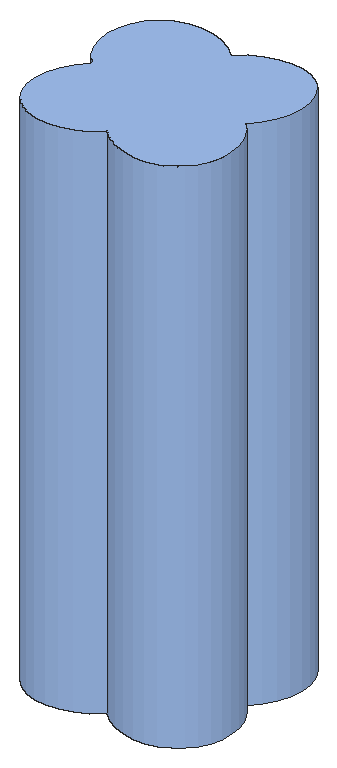
Revit family "$Player_Sheep", category Generic Models, Revit 2020
Family settings
  Can host rebar = No
  Round Connector Dimension = Use Diameter
  Part Type = Normal
  Work Plane-Based = No
  Always vertical = Yes
  Cut with Voids When Loaded = No
  Shared = No
  Room Calculation Point = No
Parameters (values of type "SD")
  yes = 2 > 1  # yes
  show_standard [instance] = not(show_overweight)  # yes
  show_overweight [instance] = _property_is_overweight  # no
  no = not(yes)  # no
  mat. = team #1
  _property_team = "team #1"
  _property_positionID = -50
  _property_paycheck = 0
  _property_name = "蔡"
  _property_luck = 50
  _property_is_overweight = no
  _property_hold_status = "Starter"
  _property_hold_amount = 1
  _asset_tools = ""
  _asset_skills = ""
  _asset_money = 5000
  _asset_direction = 1
  Default Elevation = 0 mm
Reference planes
  plane 1 "Center (Front/Back)": y = 0
  plane 2: z = 0
  plane 3 "Center (Left/Right)": x = 0
Forms (mm)
  Extrusion 1, solid, material "team #1" <- "mat.", visible <- "show_standard"
    sketch origin (0, 0, 0) x (1, 0, 0) y (0, 1, 0)
      loop
        spline (0, 260) -> (-42.496, 293.637) -> (-90.956, 316.122) -> (-142.076, 325.924) -> (-192.373, 322.373) -> (-238.42, 305.713) -> (-277.078, 277.078) -> (-305.713, 238.42) -> (-322.373, 192.373) -> (-325.924, 142.076) -> (-316.122, 90.956) -> (-293.637, 42.496) -> (-260, 0)
        spline (-260, 0) -> (-293.637, -42.496) -> (-316.122, -90.956) -> (-325.924, -142.076) -> (-322.373, -192.373) -> (-305.713, -238.42) -> (-277.078, -277.078) -> (-238.42, -305.713) -> (-192.373, -322.373) -> (-142.076, -325.924) -> (-90.956, -316.122) -> (-42.496, -293.637) -> (0, -260)
        spline (0, -260) -> (42.496, -293.637) -> (90.956, -316.122) -> (142.076, -325.924) -> (192.373, -322.373) -> (238.42, -305.713) -> (277.078, -277.078) -> (305.713, -238.42) -> (322.373, -192.373) -> (325.924, -142.076) -> (316.122, -90.956) -> (293.637, -42.496) -> (260, 0)
        spline (260, 0) -> (293.637, 42.496) -> (316.122, 90.956) -> (325.924, 142.076) -> (322.373, 192.373) -> (305.713, 238.42) -> (277.078, 277.078) -> (238.42, 305.713) -> (192.373, 322.373) -> (142.076, 325.924) -> (90.956, 316.122) -> (42.496, 293.637) -> (0, 260)
    from 0 to 1750
  Extrusion 2, solid, material "team #1" <- "mat.", visible <- "show_overweight"
    sketch origin (0, 0, 0) x (1, 0, 0) y (0, 1, 0)
      loop
        spline (0, 500) -> (-81.724, 564.687) -> (-174.915, 607.928) -> (-273.223, 626.777) -> (-369.949, 619.949) -> (-458.5, 587.91) -> (-532.843, 532.843) -> (-587.91, 458.5) -> (-619.949, 369.949) -> (-626.777, 273.223) -> (-607.928, 174.915) -> (-564.687, 81.724) -> (-500, 0)
        spline (-500, 0) -> (-564.687, -81.724) -> (-607.928, -174.915) -> (-626.777, -273.223) -> (-619.949, -369.949) -> (-587.91, -458.5) -> (-532.843, -532.843) -> (-458.5, -587.91) -> (-369.949, -619.949) -> (-273.223, -626.777) -> (-174.915, -607.928) -> (-81.724, -564.687) -> (0, -500)
        spline (0, -500) -> (81.724, -564.687) -> (174.915, -607.928) -> (273.223, -626.777) -> (369.949, -619.949) -> (458.5, -587.91) -> (532.843, -532.843) -> (587.91, -458.5) -> (619.949, -369.949) -> (626.777, -273.223) -> (607.928, -174.915) -> (564.687, -81.724) -> (500, 0)
        spline (500, 0) -> (564.687, 81.724) -> (607.928, 174.915) -> (626.777, 273.223) -> (619.949, 369.949) -> (587.91, 458.5) -> (532.843, 532.843) -> (458.5, 587.91) -> (369.949, 619.949) -> (273.223, 626.777) -> (174.915, 607.928) -> (81.724, 564.687) -> (0, 500)
    from 0 to 1300
Dimensions and locks
  aligned and locked: plane 2 to level
  aligned and locked: plane 1 "Center (Front/Back)" to nested 1
  aligned and locked: plane 3 "Center (Left/Right)" to nested 1
Nested families
  nested 1: "NAME_SYMBOL" at (0, 0, 0), _property_name <- "_property_name", _property_positionID <- "_property_positionID", type "NAME_SYMBOL"
    with _property_positionID -50, _property_name "蔡"
Definition of nested family "NAME_SYMBOL"
  Parameters (values of type "NAME_SYMBOL")
    _property_positionID [instance] = 0
    _property_name [instance] = ""
  Reference planes
    plane 1: y = 0
    plane 2: x = 0
  Lines and regions (mm)
    detail lines
      curve 1: line (-15, -5, 0) -> (15, -5, 0)
      curve 2: line (-15, 5, 0) -> (-15, -5, 0)
      curve 3: line (15, 5, 0) -> (-15, 5, 0)
      curve 4: line (15, -5, 0) -> (15, 5, 0)
  Text (mm)
    label "A\npositionID = _property_positionID" at (0.077, 0.299, 0), shows "_property_name", "_property_positionID"
